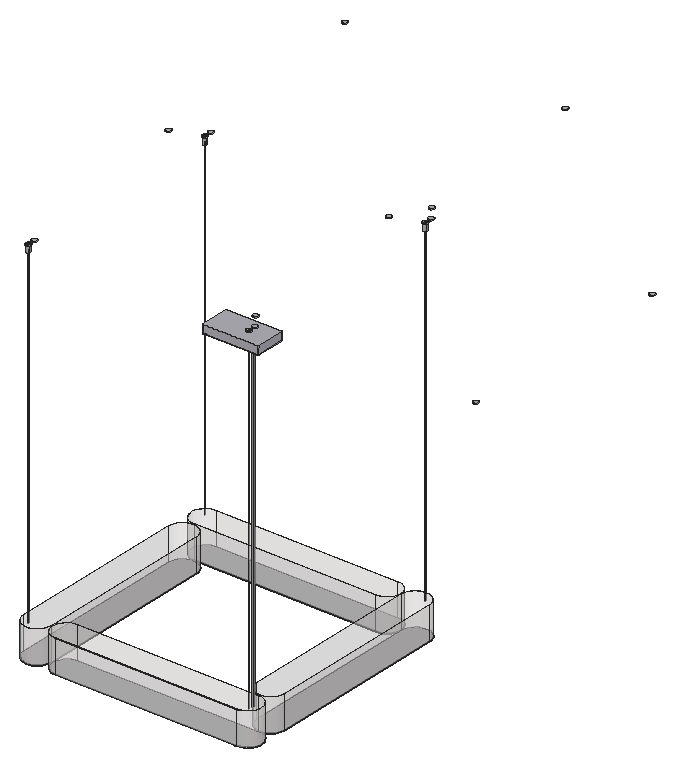
Revit family "Lighting - Lumetta - Pendant - BP53405", category Lighting Fixtures, host Ceiling, Revit 2015
Parameters
  Wattage = 34.1318 W
  built-in parameter 1150110 = 1 (stored number, unit not read)
  URL = ""
  built-in parameter 1114217 = 3 (stored number, unit not read)
  Bottom Lens-Material [instance] = Acrylic - P95 - Etched White
  built-in parameter 1150109 = 1 (stored number, unit not read)
  built-in parameter 1150134 = (empty or 0)
  built-in parameter 1150113 = 1 (stored number, unit not read)
  Fixture Center [instance] = Frame Width / 2  # 1' - 5"
  BP52308 URL [instance] = ""
  Model = "BP53405"  # constant formula
  Manufacturer = "Lumetta, Inc."  # constant formula
  Lumens = 5070 lm
  built-in parameter 1150115 = 1 (stored number, unit not read)
  built-in parameter 1150105 = 403.46 (stored number, unit not read)
  Light Source Symbol Size = 0' - 2"
  built-in parameter 1150137 = (empty or 0)
  built-in parameter 1150139 = (empty or 0)
  built-in parameter 1150112 = 1 (stored number, unit not read)
  built-in parameter 1150114 = 1 (stored number, unit not read)
  built-in parameter 1150132 = 2
  built-in parameter 1150102 = (empty or 0)
  built-in parameter 1150138 = (empty or 0)
  built-in parameter 1150107 = 3000 (stored number, unit not read)
  built-in parameter 1150106 = 4.0346 (stored number, unit not read)
  Frame Width [instance] = 2' - 10"
  Frame Length [instance] = 2' - 10"
  Frame Finish [instance] = Paint - Lumetta - F02 - PC_Chrome
  Frame Height = 0' - 5"
  Fixture Drop [instance] = 4' - 0"
  Emit from Line Length = 1' - 3 87/128"
  built-in parameter 1150104 = 13.8 (stored number, unit not read)
  Dimming Lamp Color Temperature Shift = <None>
  Diffuser Material [instance] = Shade - Lumetta - D61 - MT_White
  Description = "34 Inch Brink Pendant"  # constant formula
  Cord Color [instance] = Cord, Black
  Color Filter = 16777215
  built-in parameter 1114218 = 1 (stored number, unit not read)
  built-in parameter 1150133 = 10 (stored number, unit not read)
Reference planes (in)
  plane 1 "Light Source Axis (F/B)": y = 0
  plane 2 "Ceiling": z = 99.76773
  plane 3 "Light Source Axis (L/R)": x = -5.4375
  plane 4 "Light Source Elevation": z = 49.26773
  plane 5 "Frame Top": z = 51.76773
  plane 6 "Frame BTM": z = 46.76773
  plane 7 "Lamping Start": z = 51.26773
  plane 8 "Fixture Center": y = 15
  plane 9 "Fixture Left": x = -24.5
  plane 10 "Fixture Right": x = 9.5
  plane 11 "Fixture Back": y = 32
  plane 12 "Fixture Front": y = -2
  plane 13 "Ball Nut PLane": x = 4.75
  plane 14 "Fixture Center F/B": x = -7.5
Forms (in)
  Extrusion 1, solid, material "Paint - Lumetta - F02 - PC_Chrome" <- "Frame Finish"
    sketch origin (0, 0, 99.76773) x (1, 0, 0) y (0, 1, 0)
      loop
        arc (3.4625, 1.375) -> (3.35643, 1.33107) -> (3.3125, 1.225) r 0.15
        line (3.3125, 1.225) -> (3.3125, -2.72656)
        arc (3.3125, -2.72656) -> (3.35598, -2.83152) -> (3.46094, -2.875) r 0.14844
        line (3.46094, -2.875) -> (11.16406, -2.875)
        arc (11.16406, -2.875) -> (11.26902, -2.83152) -> (11.3125, -2.72656) r 0.14844
        line (11.3125, -2.72656) -> (11.3125, 1.22656)
        arc (11.3125, 1.22656) -> (11.26902, 1.33152) -> (11.16406, 1.375) r 0.14844
        line (11.16406, 1.375) -> (3.4625, 1.375)
    from 0 to -1.25333
  Revolve 2, solid, material "Paint - Lumetta - F02 - PC_Chrome" <- "Frame Finish", not visible
    sketch origin (17.07852, 0, 0) x (1, 0, 0) y (0, 0, 1)
      loop
        line (-8.82852, 98.51773) -> (-8.82852, 98.01773) -> (-8.5473, 98.01773) -> (-8.45291, 98.51773) -> (-8.82852, 98.51773)
      axis (-8.82852, 98.01773) -> (-8.82852, 98.51773)
    angle from 0 to 360
  Extrusion 3, solid, material "Cord, Black" <- "Cord Color"
    sketch origin (0, 0, 99.76773) x (1, 0, 0) y (0, 1, 0)
      loop
        circle (8.25, 0) r 0.1566
    from -1.25333 to -48.5
  Extrusion 4, solid, material "Steel, Galvanized"
    sketch origin (0, 0, 96.01773) x (1, 0, 0) y (0, 1, 0)
      loop
        circle (-23.25, -0.75) r 0.03252
      loop
        circle (8.25, -0.75) r 0.03265
      loop
        circle (-23.24999, 30.75) r 0.03252
      loop
        circle (8.25, 30.75) r 0.03265
    from 3.75 to -44.75
  Extrusion 5, solid, material "Shade - Lumetta - D61 - MT_White" <- "Diffuser Material"
    sketch origin (0, 0, 46.76773) x (-1, 0, 0) y (0, -1, 0)
      loop
        arc (18.375, -2) -> (20.375, 0) -> (18.375, 2) r 2
        line (18.375, 2) -> (-7.5, 2)
        arc (-7.5, 2) -> (-9.5, 0) -> (-7.5, -2) r 2
        line (-7.5, -2) -> (18.375, -2)
      loop
        line (-7.5, -1.96875) -> (18.375, -1.96875)
        arc (18.375, -1.96875) -> (20.34375, 0) -> (18.375, 1.96875) r 1.96875
        line (18.375, 1.96875) -> (-7.5, 1.96875)
        arc (-7.5, 1.96875) -> (-9.46875, 0) -> (-7.5, -1.96875) r 1.96875
      loop
        arc (-5.5, -4.125) -> (-7.5, -2.125) -> (-9.5, -4.125) r 2
        line (-9.5, -4.125) -> (-9.5, -30)
        arc (-9.5, -30) -> (-7.5, -32) -> (-5.5, -30) r 2
        line (-5.5, -30) -> (-5.5, -4.125)
      loop
        line (-5.53125, -30) -> (-5.53125, -4.125)
        arc (-5.53125, -4.125) -> (-7.5, -2.15625) -> (-9.46875, -4.125) r 1.96875
        line (-9.46875, -4.125) -> (-9.46875, -30)
        arc (-9.46875, -30) -> (-7.5, -31.96875) -> (-5.53125, -30) r 1.96875
      loop
        arc (-3.375, -28) -> (-5.375, -30) -> (-3.375, -32) r 2
        line (-3.375, -32) -> (22.5, -32)
        arc (22.5, -32) -> (24.5, -30) -> (22.5, -28) r 2
        line (22.5, -28) -> (-3.375, -28)
      loop
        line (22.5, -28.03125) -> (-3.375, -28.03125)
        arc (-3.375, -28.03125) -> (-5.34375, -30) -> (-3.375, -31.96875) r 1.96875
        line (-3.375, -31.96875) -> (22.5, -31.96875)
        arc (22.5, -31.96875) -> (24.46875, -30) -> (22.5, -28.03125) r 1.96875
      loop
        arc (20.5, -25.875) -> (22.5, -27.875) -> (24.5, -25.875) r 2
        line (24.5, -25.875) -> (24.5, 0)
        arc (24.5, 0) -> (22.5, 2) -> (20.5, 0) r 2
        line (20.5, 0) -> (20.5, -25.875)
      loop
        line (20.53125, 0) -> (20.53125, -25.875)
        arc (20.53125, -25.875) -> (22.5, -27.84375) -> (24.46875, -25.875) r 1.96875
        line (24.46875, -25.875) -> (24.46875, 0)
        arc (24.46875, 0) -> (22.5, 1.96875) -> (20.53125, 0) r 1.96875
    from 0 to 4.73738
  Sweep 6, void
    path in 3D
      loop
        arc (11.3125, -2.72656, 98.5144) -> (11.26902, -2.83152, 98.5144) -> (11.16406, -2.875, 98.5144) r 0.14844
        line (11.16406, -2.875, 98.5144) -> (3.46094, -2.875, 98.5144)
        arc (3.46094, -2.875, 98.5144) -> (3.35598, -2.83152, 98.5144) -> (3.3125, -2.72656, 98.5144) r 0.14844
        line (3.3125, -2.72656, 98.5144) -> (3.3125, 1.225, 98.5144)
        arc (3.3125, 1.225, 98.5144) -> (3.35643, 1.33107, 98.5144) -> (3.4625, 1.375, 98.5144) r 0.15
        line (3.4625, 1.375, 98.5144) -> (11.16406, 1.375, 98.5144)
        arc (11.16406, 1.375, 98.5144) -> (11.26902, 1.33152, 98.5144) -> (11.3125, 1.22656, 98.5144) r 0.14844
        line (11.3125, 1.22656, 98.5144) -> (11.3125, -2.72656, 98.5144)
    profile origin (11.3125, -0.75, 98.5144) x (-1, 0, 0) y (0, 0, -1)
      loop
        arc (0, -0.10156) -> (0.02975, -0.02975) -> (0.10156, 0) r 0.10156
        line (0.10156, 0) -> (0.10156, 0.16534) -> (-0.4389, 0.16534) -> (-0.4389, -0.10156) -> (0, -0.10156)
  Revolve 7, solid, material "Paint - Lumetta - F02 - PC_Chrome" <- "Frame Finish"
    sketch origin (4.75, 0, 0) x (0, -1, 0) y (0, 0, 1)
      loop
        arc (-0.625, 98.51773) -> (-0.8125, 98.33023) -> (-0.625, 98.14273) r 0.1875
        line (-0.625, 98.14273) -> (-0.625, 98.51773)
      axis (-0.625, 98.51773) -> (-0.625, 98.14273)
    angle from 0 to 360
  Revolve 8, solid, material "Paint - Lumetta - F02 - PC_Chrome" <- "Frame Finish"
    sketch origin (4.75, -2.89731, 0) x (0, -1, 0) y (0, 0, 1)
      loop
        arc (-0.77231, 98.51773) -> (-0.95981, 98.33023) -> (-0.77231, 98.14273) r 0.1875
        line (-0.77231, 98.14273) -> (-0.77231, 98.51773)
      axis (-0.77231, 98.51773) -> (-0.77231, 98.14273)
    angle from 0 to 360
  Extrusion 9, solid, material "Paint - Lumetta - F02 - PC_Chrome" <- "Frame Finish"
    sketch origin (0, 0, 99.76773) x (1, 0, 0) y (0, 1, 0)
      loop
        circle (-23.24999, -0.75) r 0.375
      loop
        circle (8.25, -0.75) r 0.375
      loop
        circle (-23.24999, 30.75) r 0.375
      loop
        circle (8.25, 30.75) r 0.375
    from -0.01887 to 0
  Extrusion 10, solid, material "Paint - Lumetta - F02 - PC_Chrome" <- "Frame Finish"
    sketch origin (0, 0, 99.76773) x (1, 0, 0) y (0, 1, 0)
      loop
        circle (-23.24999, 30.75) r 0.25
      loop
        circle (8.25, 30.75) r 0.25
      loop
        circle (-23.24999, -0.75) r 0.25
      loop
        circle (8.25, -0.75) r 0.25
    from -1.00383 to 0
  Extrusion 11, solid, material "Acrylic - P95 - Etched White" <- "Bottom Lens-Material"
    sketch origin (0, 0, 46.76773) x (-1, 0, 0) y (0, -1, 0)
      loop
        arc (-9.46875, -30) -> (-7.5, -31.96875) -> (-5.53125, -30) r 1.96875
        line (-5.53125, -30) -> (-5.53125, -4.125)
        arc (-5.53125, -4.125) -> (-7.5, -2.15625) -> (-9.46875, -4.125) r 1.96875
        line (-9.46875, -4.125) -> (-9.46875, -30)
      loop
        arc (22.5, -31.96875) -> (24.46875, -30) -> (22.5, -28.03125) r 1.96875
        line (22.5, -28.03125) -> (-3.375, -28.03125)
        arc (-3.375, -28.03125) -> (-5.34375, -30) -> (-3.375, -31.96875) r 1.96875
        line (-3.375, -31.96875) -> (22.5, -31.96875)
      loop
        arc (24.46875, 0) -> (22.5, 1.96875) -> (20.53125, 0) r 1.96875
        line (20.53125, 0) -> (20.53125, -25.875)
        arc (20.53125, -25.875) -> (22.5, -27.84375) -> (24.46875, -25.875) r 1.96875
        line (24.46875, -25.875) -> (24.46875, 0)
      loop
        arc (-7.5, 1.96875) -> (-9.46875, 0) -> (-7.5, -1.96875) r 1.96875
        line (-7.5, -1.96875) -> (18.375, -1.96875)
        arc (18.375, -1.96875) -> (20.34375, 0) -> (18.375, 1.96875) r 1.96875
        line (18.375, 1.96875) -> (-7.5, 1.96875)
    from 0 to 0.12421
Cuts and joins
  Sweep 6 cuts Extrusion 1
Lines and regions (in)
  sketch lines
    curve 1: line (11.3125, 1.22656, 98.5144) -> (11.3125, -2.72656, 98.5144)
    curve 2: arc (11.3125, 1.22656, 98.5144) -> (11.26902, 1.33152, 98.5144) -> (11.16406, 1.375, 98.5144) r 0.14844
    curve 3: line (3.4625, 1.375, 98.5144) -> (11.16406, 1.375, 98.5144)
    curve 4: arc (3.4625, 1.375, 98.5144) -> (3.35643, 1.33107, 98.5144) -> (3.3125, 1.225, 98.5144) r 0.15
    curve 5: line (3.3125, -2.72656, 98.5144) -> (3.3125, 1.225, 98.5144)
    curve 6: arc (3.3125, -2.72656, 98.5144) -> (3.35598, -2.83152, 98.5144) -> (3.46094, -2.875, 98.5144) r 0.14844
    curve 7: line (11.16406, -2.875, 98.5144) -> (3.46094, -2.875, 98.5144)
    curve 8: arc (11.16406, -2.875, 98.5144) -> (11.26902, -2.83152, 98.5144) -> (11.3125, -2.72656, 98.5144) r 0.14844
Dimensions and locks (in)
  equal spacing: host sketch curve, plane 3 "Light Source Axis (L/R)", host sketch curve
  equal spacing: host sketch curve, plane 1 "Light Source Axis (F/B)", host sketch curve
  host sketch curve to host sketch curve = 10' - 0"  (x2)
  Revolve 2 sketch curve to plane 3 "Light Source Axis (L/R)" = 1' - 1 11/16"
  locked: plane 5 "Frame Top" to plane 7 "Lamping Start" at 0.5
  plane 7 "Lamping Start" to plane 4 "Light Source Elevation" = 0' - 2"
  "Frame Height": plane 5 "Frame Top" to plane 6 "Frame BTM"
  "Fixture Drop": plane 2 "Ceiling" to plane 5 "Frame Top"
  locked: Extrusion 1 sketch curve to Extrusion 1 sketch curve at 8
  locked: Extrusion 1 sketch curve to Extrusion 1 sketch curve at 4.25
  locked: plane 2 "Ceiling" to Extrusion 1 at 1.25333
  locked: Revolve 2 sketch curve to Revolve 2 sketch curve at 0.5
  locked: Revolve 2 sketch curve to Revolve 2 sketch curve at 0.3756
  locked: Revolve 2 sketch curve to Revolve 2 sketch curve at 0.28122
  locked: plane 8 "Fixture Center" to plane 1 "Light Source Axis (F/B)" at 15
  Extrusion 4 sketch curve to Extrusion 4 sketch curve = 2' - 7 1/2"
  locked: Extrusion 4 sketch curve to plane 1 "Light Source Axis (F/B)" at 0.75
  "Frame Length": plane 9 "Fixture Left" to plane 10 "Fixture Right"
  locked: plane 3 "Light Source Axis (L/R)" to plane 10 "Fixture Right" at 14.9375
  "Frame Width": plane 12 "Fixture Front" to plane 11 "Fixture Back"
  locked: plane 8 "Fixture Center" to plane 12 "Fixture Front" at 17
  locked: plane 3 "Light Source Axis (L/R)" to Extrusion 1 sketch curve at 8.75
  imposter light to Extrusion 1 sketch curve = 0' - 1 3/8"
  locked: plane 10 "Fixture Right" to Revolve 2 sketch curve at 1.25
  locked: Revolve 2 sketch curve to Revolve 2 sketch curve
  locked: Extrusion 4 sketch curve to plane 10 "Fixture Right" at 1.25
  locked: Extrusion 3 sketch curve to plane 10 "Fixture Right" at 1.25
  locked: Extrusion 3 sketch curve to plane 1 "Light Source Axis (F/B)"
  plane 2 "Ceiling" to Revolve 7 sketch curve = 0' - 1 7/16"
  locked: Revolve 7 sketch curve to Revolve 7 sketch curve at 0
  plane 12 "Fixture Front" to Revolve 7 sketch curve = 0' - 2 5/8"
  locked: Revolve 8 sketch curve to Revolve 8 sketch curve at 0
  locked: Revolve 8 sketch curve to plane 12 "Fixture Front" at 0.125
  locked: plane 2 "Ceiling" to Extrusion 9 at 0.01887
  locked: plane 2 "Ceiling" to Extrusion 10 at 1.00383
  locked: Extrusion 11 to plane 6 "Frame BTM" at 0.12421
  locked: plane 9 "Fixture Left" to plane 14 "Fixture Center F/B" at 17
  locked: Extrusion 1 sketch curve to Extrusion 1 sketch curve at 7.70156
  locked: Extrusion 1 sketch curve to Extrusion 1 sketch curve at 3.95313
  locked: Extrusion 5 sketch curve to plane 10 "Fixture Right" at 2
  locked: nested 1 to plane 10 "Fixture Right" at 2
  locked: nested 2 to plane 11 "Fixture Back" at 2
  plane 9 "Fixture Left" to nested 3 = 0' - 2"
  aligned and locked: plane 3 "Light Source Axis (L/R)" to imposter light
  aligned and locked: plane 1 "Light Source Axis (F/B)" to imposter light
  aligned and locked: plane 4 "Light Source Elevation" to imposter light
  aligned and locked: Extrusion 3 to Extrusion 1
  aligned and locked: Extrusion 3 to plane 7 "Lamping Start"
  aligned and locked: Extrusion 4 to plane 7 "Lamping Start"
  aligned and locked: Extrusion 5 to plane 6 "Frame BTM"
  aligned and locked: plane 2 "Ceiling" to Extrusion 4
  aligned and locked: plane 2 "Ceiling" to Extrusion 9
  aligned and locked: plane 2 "Ceiling" to Extrusion 10
  aligned and locked: Extrusion 11 to plane 6 "Frame BTM"
Automatic sketch dimensions
  Revolve 2 sketch curve to plane 2 "Ceiling" = 0' - 1 3/4"
  Revolve 2 sketch curve to Revolve 2 sketch curve = 0' - 0 7/16"
  plane 2 "Ceiling" to Revolve 2 sketch curve = 0' - 2 11/16"
  plane 9 "Fixture Left" to Extrusion 4 sketch curve = 0' - 1 1/4"
  Extrusion 4 sketch curve to plane 10 "Fixture Right" = 0' - 1 1/4"
  plane 1 "Light Source Axis (F/B)" to Extrusion 4 sketch curve = 0' - 0 3/4"
  plane 11 "Fixture Back" to Extrusion 4 sketch curve = 0' - 1 1/4"  (x2)
  Sweep 6 sketch curve to profile plane = 0' - 0"  (x2)
  Sweep 6 sketch curve to profile plane = 0' - 0 13/128"
  Sweep 6 sketch curve to Sweep 6 sketch curve = 0' - 0.4389"
  Sweep 6 sketch curve to Sweep 6 sketch curve = 0' - 0.16534"
  Revolve 7 sketch curve to Revolve 7 sketch curve = 0' - 0 3/16"
  Revolve 7 sketch curve to Revolve 7 sketch curve = 0' - 1 5/8"
  plane 2 "Ceiling" to Revolve 7 sketch curve = 0' - 1 1/2"
  Revolve 8 sketch curve to plane 2 "Ceiling" = 0' - 1 5/8"
  Revolve 8 sketch curve to Revolve 8 sketch curve = 0' - 0 3/16"
  Revolve 8 sketch curve to Revolve 8 sketch curve = 0' - 1 5/8"
  plane 2 "Ceiling" to Revolve 8 sketch curve = 0' - 1 1/2"
  plane 9 "Fixture Left" to Extrusion 9 sketch curve = 0' - 1 1/4"  (x2)
  Extrusion 9 sketch curve to plane 10 "Fixture Right" = 0' - 1 1/4"  (x2)
  plane 1 "Light Source Axis (F/B)" to Extrusion 9 sketch curve = 0' - 0 3/4"  (x2)
  plane 11 "Fixture Back" to Extrusion 9 sketch curve = 0' - 1 1/4"  (x2)
  plane 9 "Fixture Left" to Extrusion 10 sketch curve = 0' - 1 1/4"  (x2)
  Extrusion 10 sketch curve to plane 10 "Fixture Right" = 0' - 1 1/4"  (x2)
  plane 1 "Light Source Axis (F/B)" to Extrusion 10 sketch curve = 0' - 0 3/4"  (x2)
  plane 11 "Fixture Back" to Extrusion 10 sketch curve = 0' - 1 1/4"  (x2)
  Extrusion 1 sketch curve to Extrusion 1 sketch curve = 0' - 0 19/128"  (x2)
  plane 1 "Light Source Axis (F/B)" to Extrusion 11 sketch curve = 0' - 0"  (x2)
  Extrusion 11 sketch curve to plane 10 "Fixture Right" = 0' - 0 1/32"
  Extrusion 11 sketch curve to Extrusion 11 sketch curve = 0' - 1 31/32"  (x3)
  Extrusion 11 sketch curve to plane 10 "Fixture Right" = 0' - 2"
  plane 11 "Fixture Back" to Extrusion 11 sketch curve = 0' - 0 1/32"
  plane 13 "Ball Nut PLane" to Extrusion 11 sketch curve = 0' - 1 3/8"
  plane 9 "Fixture Left" to Extrusion 11 sketch curve = 0' - 6 1/8"
  plane 9 "Fixture Left" to Extrusion 11 sketch curve = 0' - 3 31/32"
  plane 9 "Fixture Left" to Extrusion 11 sketch curve = 0' - 2"
  plane 11 "Fixture Back" to Extrusion 11 sketch curve = 0' - 2"
  Extrusion 11 sketch curve to Extrusion 11 sketch curve = 0' - 2 5/32"
  Extrusion 11 sketch curve to plane 1 "Light Source Axis (F/B)" = 0' - 4 1/8"
  Extrusion 11 sketch curve to plane 1 "Light Source Axis (F/B)" = 0' - 1 31/32"
  Extrusion 5 sketch curve to Extrusion 5 sketch curve = 0' - 0"  (x13)
  Extrusion 5 sketch curve to plane 10 "Fixture Right" = 0' - 0"
  plane 11 "Fixture Back" to Extrusion 5 sketch curve = 0' - 0"
  plane 1 "Light Source Axis (F/B)" to Extrusion 5 sketch curve = 0' - 0"  (x2)
  Extrusion 5 sketch curve to plane 12 "Fixture Front" = 0' - 0"
  Extrusion 5 sketch curve to plane 9 "Fixture Left" = 0' - 0"
  Extrusion 5 sketch curve to plane 10 "Fixture Right" = 0' - 0 1/32"
  Extrusion 5 sketch curve to Extrusion 5 sketch curve = 0' - 1 31/32"  (x2)
  plane 13 "Ball Nut PLane" to Extrusion 5 sketch curve = 0' - 1 3/8"
  Extrusion 5 sketch curve to Extrusion 5 sketch curve = 0' - 6 1/8"
  Extrusion 5 sketch curve to Extrusion 5 sketch curve = 0' - 2 1/8"  (x3)
  Extrusion 5 sketch curve to Extrusion 5 sketch curve = 0' - 0 1/32"  (x3)
  plane 11 "Fixture Back" to Extrusion 5 sketch curve = 0' - 2"
  plane 9 "Fixture Left" to Extrusion 5 sketch curve = 0' - 2"
  radius of Extrusion 3 sketch curve = 0' - 0.1566"
  radius of Extrusion 4 sketch curve = 0' - 0.03252"  (x2)
  radius of Extrusion 4 sketch curve = 0' - 0.03265"  (x2)
  radius of Extrusion 9 sketch curve = 0' - 0 3/8"  (x4)
  radius of Extrusion 10 sketch curve = 0' - 0 1/4"  (x4)
Nested families (in)
  nested 1: "Lighting - Lumetta - Pendant - BP53408-Lamping" at (7.5, 10.5625, 0) x (0, -1, 0) z (0, 0, 1), type "Lighting - Lumetta - Pendant - BP53408-Lamping"
    with Frame Width 2' - 10", Frame Length 2' - 10", Frame Finish Paint - Lumetta - F02 - PC_Chrome, Fixture Drop 4' - 0", Fixture Center 1' - 5", Diffuser Material Shade - Lumetta - D61 - MT_White, Cord Color Cord, Black, Bottom Lens-Material Acrylic - P95 - Etched White, BP52308 URL "https://lumetta.com/luminaires/linear-acoustic-box-48x24-pendant/"
  nested 2: "Lighting - Lumetta - Pendant - BP53408-Lamping" at (-4, 30, 0), type "Lighting - Lumetta - Pendant - BP53408-Lamping"
    with Frame Width 2' - 10", Frame Length 2' - 10", Frame Finish Paint - Lumetta - F02 - PC_Chrome, Fixture Drop 4' - 0", Fixture Center 1' - 5", Diffuser Material Shade - Lumetta - D61 - MT_White, Cord Color Cord, Black, Bottom Lens-Material Acrylic - P95 - Etched White, BP52308 URL "https://lumetta.com/luminaires/linear-acoustic-box-48x24-pendant/"
  nested 3: "Lighting - Lumetta - Pendant - BP53408-Lamping" at (-22.5, 8.5625, 0) x (0, -1, 0) z (0, 0, 1), type "Lighting - Lumetta - Pendant - BP53408-Lamping"
    with Frame Width 2' - 10", Frame Length 2' - 10", Frame Finish Paint - Lumetta - F02 - PC_Chrome, Fixture Drop 4' - 0", Fixture Center 1' - 5", Diffuser Material Shade - Lumetta - D61 - MT_White, Cord Color Cord, Black, Bottom Lens-Material Acrylic - P95 - Etched White, BP52308 URL "https://lumetta.com/luminaires/linear-acoustic-box-48x24-pendant/"
Definition of nested family "Lighting - Lumetta - Pendant - BP53408-Lamping"
  Parameters (values of type "Lighting - Lumetta - Pendant - BP53408-Lamping")
    Wattage = 34.1318 W
    built-in parameter 1150110 = 1 (stored number, unit not read)
    URL = "https://lumetta.com/luminaires/linear-acoustic-box-48x24-pendant/"
    built-in parameter 1114217 = 3 (stored number, unit not read)
    Bottom Lens-Material [instance] = none
    built-in parameter 1150109 = 1 (stored number, unit not read)
    built-in parameter 1150134 = (empty or 0)
    built-in parameter 1150113 = 1 (stored number, unit not read)
    Fixture Center [instance] = Frame Width / 2  # 1' - 5"
    BP52308 URL [instance] = "https://lumetta.com/luminaires/linear-acoustic-box-48x24-pendant/"
    Model = "BP52308"  # constant formula
    Manufacturer = "Lumetta, Inc."  # constant formula
    Lumens = 5070 lm
    built-in parameter 1150115 = 1 (stored number, unit not read)
    built-in parameter 1150105 = 403.46 (stored number, unit not read)
    Light Source Symbol Size = 0' - 2"
    built-in parameter 1150137 = (empty or 0)
    built-in parameter 1150139 = (empty or 0)
    built-in parameter 1150112 = 1 (stored number, unit not read)
    built-in parameter 1150114 = 1 (stored number, unit not read)
    built-in parameter 1150132 = 2
    built-in parameter 1150102 = (empty or 0)
    built-in parameter 1150138 = (empty or 0)
    built-in parameter 1150107 = 3000 (stored number, unit not read)
    built-in parameter 1150106 = 4.0346 (stored number, unit not read)
    Frame Width [instance] = 2' - 10"
    Frame Length [instance] = 2' - 10"
    Frame Finish [instance] = none
    Frame Height = 0' - 5"
    Fixture Drop [instance] = 4' - 0"
    Emit from Line Length = 1' - 3 87/128"
    built-in parameter 1150104 = 13.8 (stored number, unit not read)
    Dimming Lamp Color Temperature Shift = (empty or 0)
    Diffuser Material [instance] = none
    Description = "Linear Acoustic Box 48×24 Pendant"  # constant formula
    Cord Color [instance] = none
    Color Filter = 16777215
    built-in parameter 1114218 = 1 (stored number, unit not read)
    built-in parameter 1150133 = 10 (stored number, unit not read)
  Reference planes (in)
    plane 1 "Light Source Axis (F/B)": y = 0
    plane 2 "Ceiling": z = 99.76773
    plane 3 "Light Source Axis (L/R)": x = -5.4375
    plane 4 "Light Source Elevation": z = 49.26773
    plane 5 "Frame Top": z = 51.76773
    plane 6 "Frame BTM": z = 46.76773
    plane 7 "Lamping Start": z = 51.26773
    plane 8 "Fixture Center": y = 15
    plane 9 "Fixture Left": x = -24.5
    plane 10 "Fixture Right": x = 9.5
    plane 11 "Fixture Back": y = 32
    plane 12 "Fixture Front": y = -2
    plane 13 "Ball Nut PLane": x = 4.75
    plane 14 "Fixture Center F/B": x = -7.5
  Forms (in)
    Extrusion 1, solid, material <- "Frame Finish"
      sketch origin (0, 0, 99.76773) x (1, 0, 0) y (0, 1, 0)
        loop
          circle (-23.24999, -0.75) r 0.375
        loop
          circle (8.25, -0.75) r 0.375
        loop
          circle (-23.24999, 30.75) r 0.375
        loop
          circle (8.25, 30.75) r 0.375
      from -0.01887 to 0
  Dimensions and locks (in)
    equal spacing: host sketch curve, plane 3 "Light Source Axis (L/R)", host sketch curve
    equal spacing: host sketch curve, plane 1 "Light Source Axis (F/B)", host sketch curve
    host sketch curve to host sketch curve = 10' - 0"  (x2)
    locked: plane 5 "Frame Top" to plane 7 "Lamping Start" at 0.5
    plane 7 "Lamping Start" to plane 4 "Light Source Elevation" = 0' - 2"
    "Frame Height": plane 5 "Frame Top" to plane 6 "Frame BTM"
    "Fixture Drop": plane 2 "Ceiling" to plane 5 "Frame Top"
    locked: plane 8 "Fixture Center" to plane 1 "Light Source Axis (F/B)" at 15
    "Frame Length": plane 9 "Fixture Left" to plane 10 "Fixture Right"
    locked: plane 3 "Light Source Axis (L/R)" to plane 10 "Fixture Right" at 14.9375
    "Frame Width": plane 12 "Fixture Front" to plane 11 "Fixture Back"
    locked: plane 8 "Fixture Center" to plane 12 "Fixture Front" at 17
    locked: plane 2 "Ceiling" to Extrusion 1 at 0.01887
    locked: plane 9 "Fixture Left" to plane 14 "Fixture Center F/B" at 17
    aligned and locked: plane 3 "Light Source Axis (L/R)" to imposter light
    aligned and locked: plane 1 "Light Source Axis (F/B)" to imposter light
    aligned and locked: plane 4 "Light Source Elevation" to imposter light
    aligned and locked: plane 2 "Ceiling" to Extrusion 1
  Automatic sketch dimensions
    plane 9 "Fixture Left" to Extrusion 1 sketch curve = 0' - 1 1/4"  (x2)
    Extrusion 1 sketch curve to plane 10 "Fixture Right" = 0' - 1 1/4"  (x2)
    plane 1 "Light Source Axis (F/B)" to Extrusion 1 sketch curve = 0' - 0 3/4"  (x2)
    plane 11 "Fixture Back" to Extrusion 1 sketch curve = 0' - 1 1/4"  (x2)
    radius of Extrusion 1 sketch curve = 0' - 0 3/8"  (x4)
